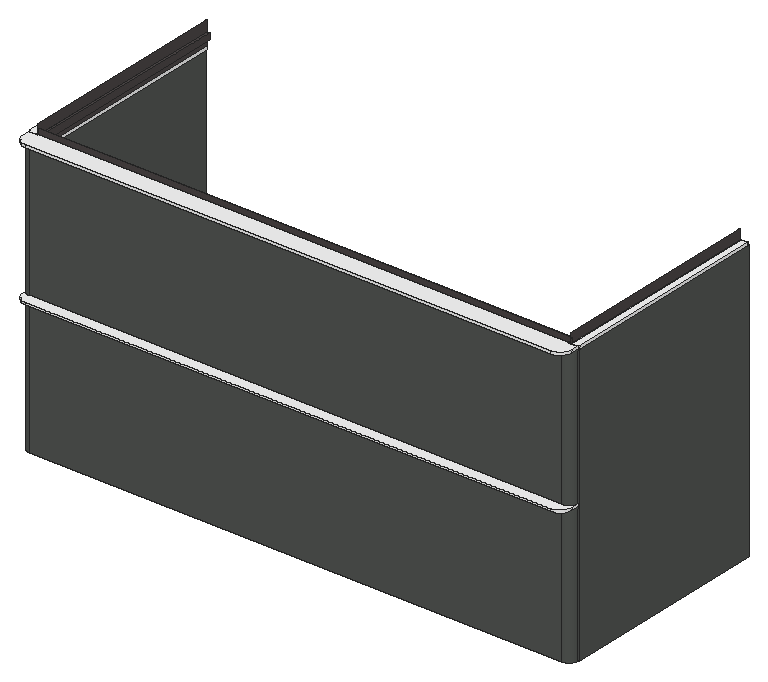
Revit family "vanity unit with 2 drawers", category Furniture, Revit 2019 (continued)
  Vanity unit 580_475 with 2 drawers for washbasin-54023000-High Gloss White-CHROME-200 | "28.2" | no | no | no | no | no | no | no | no | no | no | no | no | no | no | no | no | no | no | no | no | no | no | no | no | no | no | no | no | no | no | no | no | no | no | no | no | no | no | no | no | no | no | no | no | no | no | no | no | no | no | no | no | no | no | no | no | no | no | no | no | no | no | no | no | no | no | no | no | no | no | no | yes | no | no | no | no | no | no | no | no | no | no | no | no | no | no | no | no | no | no | no | no | no | no | no | no | no | no | no | no | no | no | no | no | no | no | no | no | no | no | no | no | no | no | no | no | no | no | no | no | "CHROME" | "https://pro.hansgrohe.com/articledetail--54023000" | "54023XXX" | "High Gloss White" | "Vanity unit 580/475 with 2 drawers for washbasin-54023000-High Gloss White-CHROME-200" | "Xelu Q Vanity unit High Gloss White 580/475 with 2 drawers for washbasin" | "Vanity unit 580/475 with 2 drawers for washbasin-54023000-High Gloss White-CHROME-200" | "{$CADENAS_DATA/23d-libs/hansgrohe/xelu_furniture/vanity_unit_2_drawers_basin/vanity_unit_with_2_drawers_for_basin.prj},339 {VTYP=3D},{NB=Vanity unit 580/475 with 2 drawers for washbasin-54023000-High Gloss White-CHROME-200},{LINA=Vanity unit 580/475 with 2 drawers for washbasin-54023000-High Gloss White-CHROME-200},{NN=Vanity Unit with 2 Drawers},{DATE=10.03.2023 08:13:12},{GEOMDATE=08.03.2023 13:51:26},{VERSION=},{LINEID=150},{WBVAR=LODLEVEL},{WBNUMERIC=}  {NB=Vanity unit 580/475 with 2 drawers for washbasin-54023000-High Gloss White-CHROME-200},{LINA=Vanity unit 580/475 with 2 drawers for washbasin-54023000-High Gloss White-CHROME-200},{KT=DUMMY},{IDNR=15},{ARTNR=54023000},{BASENUMBER=Vanity unit 580/475 with 2 drawers for washbasin},{MODEL=54023XXX},{OBERFLAECHE=High Gloss White},{SURFACE=CHROME},{L=580},{LODLEVEL=200},{LODLEVELX='400','400','200','200'},{NAME=Xelu Q Vanity unit High Gloss White 580/475 with 2 drawers for washbasin},{PERMALINK=54023XXX},{OBJECTTYPE=Object (single object)},{BIMOBJECT=Sanitary: Compound units},{PRODUCTFAMILY=Xelu Q},{PRODUCTGROUP=vanity unit},{WEIGHT=28.2},{DESCRIPTION=Xelu Q Vanity unit High Gloss White 580/475 with 2 drawers for washbasin},{SPECIFICATION=},{PRODUCTURL=https://pro.hansgrohe.com/articledetail--54023000},{GTINCODE=4059625455166},{TENDERURL=},{IFC=Furnishing element},{ETIM=EC011381 | Bathroom furniture set},{UNICLASS2015=Pr_40_30_78_05 | Bathroom furniture},{OMNICLASS=23-21 19 15 33 13 | Residential Bathroom Specialty Casework},{MASTERFORMAT=12 35 30.23 | Bathroom Casework},{UNSPSC=56 | Furniture and Furnishings},{UNIFORMATII=E2010 | Fixed Furnishings},{REGIONSET=Worldwide},{DESIGN=Germany},{MANUFACTURER=Germany}" | "200" | "Vanity unit 580/475 with 2 drawers for washbasin-54023000-High Gloss White-CHROME-200" | 580 | "4059625455166" | "Vanity unit 580/475 with 2 drawers for washbasin" | "54023000"
  Vanity unit 580_475 with 2 drawers for washbasin-54023000-High Gloss White-CHROME-400 | "28.2" | no | no | no | no | no | no | no | no | no | no | no | no | no | no | no | no | no | no | no | no | no | no | no | no | no | no | no | no | no | no | no | no | no | no | no | no | no | no | no | no | no | no | no | no | no | no | no | no | no | no | no | no | no | no | no | no | no | no | no | no | no | no | no | no | no | no | no | no | no | no | yes | no | no | no | no | no | no | no | no | no | no | no | no | no | no | no | no | no | no | no | no | no | no | no | no | no | no | no | no | no | no | no | no | no | no | no | no | no | no | no | no | no | no | no | no | no | no | no | no | no | "CHROME" | "https://pro.hansgrohe.com/articledetail--54023000" | "54023XXX" | "High Gloss White" | "Vanity unit 580/475 with 2 drawers for washbasin-54023000-High Gloss White-CHROME-400" | "Xelu Q Vanity unit High Gloss White 580/475 with 2 drawers for washbasin" | "Vanity unit 580/475 with 2 drawers for washbasin-54023000-High Gloss White-CHROME-400" | "{$CADENAS_DATA/23d-libs/hansgrohe/xelu_furniture/vanity_unit_2_drawers_basin/vanity_unit_with_2_drawers_for_basin.prj},339 {VTYP=3D},{NB=Vanity unit 580/475 with 2 drawers for washbasin-54023000-High Gloss White-CHROME-400},{LINA=Vanity unit 580/475 with 2 drawers for washbasin-54023000-High Gloss White-CHROME-400},{NN=Vanity Unit with 2 Drawers},{DATE=10.03.2023 08:13:12},{GEOMDATE=08.03.2023 13:51:26},{VERSION=},{LINEID=150},{WBVAR=LODLEVEL},{WBNUMERIC=}  {NB=Vanity unit 580/475 with 2 drawers for washbasin-54023000-High Gloss White-CHROME-400},{LINA=Vanity unit 580/475 with 2 drawers for washbasin-54023000-High Gloss White-CHROME-400},{KT=DUMMY},{IDNR=15},{ARTNR=54023000},{BASENUMBER=Vanity unit 580/475 with 2 drawers for washbasin},{MODEL=54023XXX},{OBERFLAECHE=High Gloss White},{SURFACE=CHROME},{L=580},{LODLEVEL=400},{LODLEVELX='400','400','200','200'},{NAME=Xelu Q Vanity unit High Gloss White 580/475 with 2 drawers for washbasin},{PERMALINK=54023XXX},{OBJECTTYPE=Object (single object)},{BIMOBJECT=Sanitary: Compound units},{PRODUCTFAMILY=Xelu Q},{PRODUCTGROUP=vanity unit},{WEIGHT=28.2},{DESCRIPTION=Xelu Q Vanity unit High Gloss White 580/475 with 2 drawers for washbasin},{SPECIFICATION=},{PRODUCTURL=https://pro.hansgrohe.com/articledetail--54023000},{GTINCODE=4059625455166},{TENDERURL=},{IFC=Furnishing element},{ETIM=EC011381 | Bathroom furniture set},{UNICLASS2015=Pr_40_30_78_05 | Bathroom furniture},{OMNICLASS=23-21 19 15 33 13 | Residential Bathroom Specialty Casework},{MASTERFORMAT=12 35 30.23 | Bathroom Casework},{UNSPSC=56 | Furniture and Furnishings},{UNIFORMATII=E2010 | Fixed Furnishings},{REGIONSET=Worldwide},{DESIGN=Germany},{MANUFACTURER=Germany}" | "400" | "Vanity unit 580/475 with 2 drawers for washbasin-54023000-High Gloss White-CHROME-400" | 580 | "4059625455166" | "Vanity unit 580/475 with 2 drawers for washbasin" | "54023000"
  Vanity unit 580_475 with 2 drawers for washbasin-54023670-High Gloss White-MATT_BLACK-200 | "28.2" | no | no | no | no | no | no | no | no | no | no | no | no | no | no | no | no | no | no | no | no | no | no | no | no | no | no | no | no | no | no | no | no | no | no | no | no | no | no | no | no | no | no | no | no | no | no | no | no | no | no | no | no | no | no | no | no | no | no | no | no | no | no | no | no | no | no | no | no | no | yes | no | no | no | no | no | no | no | no | no | no | no | no | no | no | no | no | no | no | no | no | no | no | no | no | no | no | no | no | no | no | no | no | no | no | no | no | no | no | no | no | no | no | no | no | no | no | no | no | no | no | "MATT_BLACK" | "https://pro.hansgrohe.com/articledetail--54023000" | "54023XXX" | "High Gloss White" | "Vanity unit 580/475 with 2 drawers for washbasin-54023670-High Gloss White-MATT_BLACK-200" | "Xelu Q Vanity unit High Gloss White 580/475 with 2 drawers for washbasin" | "Vanity unit 580/475 with 2 drawers for washbasin-54023670-High Gloss White-MATT_BLACK-200" | "{$CADENAS_DATA/23d-libs/hansgrohe/xelu_furniture/vanity_unit_2_drawers_basin/vanity_unit_with_2_drawers_for_basin.prj},347 {VTYP=3D},{NB=Vanity unit 580/475 with 2 drawers for washbasin-54023670-High Gloss White-MATT_BLACK-200},{LINA=Vanity unit 580/475 with 2 drawers for washbasin-54023670-High Gloss White-MATT_BLACK-200},{NN=Vanity Unit with 2 Drawers},{DATE=10.03.2023 08:13:12},{GEOMDATE=08.03.2023 13:51:26},{VERSION=},{LINEID=130},{WBVAR=LODLEVEL},{WBNUMERIC=}  {NB=Vanity unit 580/475 with 2 drawers for washbasin-54023670-High Gloss White-MATT_BLACK-200},{LINA=Vanity unit 580/475 with 2 drawers for washbasin-54023670-High Gloss White-MATT_BLACK-200},{KT=DUMMY},{IDNR=13},{ARTNR=54023670},{BASENUMBER=Vanity unit 580/475 with 2 drawers for washbasin},{MODEL=54023XXX},{OBERFLAECHE=High Gloss White},{SURFACE=MATT_BLACK},{L=580},{LODLEVEL=200},{LODLEVELX='400','400','200','200'},{NAME=Xelu Q Vanity unit High Gloss White 580/475 with 2 drawers for washbasin},{PERMALINK=54023XXX},{OBJECTTYPE=Object (single object)},{BIMOBJECT=Sanitary: Compound units},{PRODUCTFAMILY=Xelu Q},{PRODUCTGROUP=vanity unit},{WEIGHT=28.2},{DESCRIPTION=Xelu Q Vanity unit High Gloss White 580/475 with 2 drawers for washbasin},{SPECIFICATION=},{PRODUCTURL=https://pro.hansgrohe.com/articledetail--54023000},{GTINCODE=4059625455166},{TENDERURL=},{IFC=Furnishing element},{ETIM=EC011381 | Bathroom furniture set},{UNICLASS2015=Pr_40_30_78_05 | Bathroom furniture},{OMNICLASS=23-21 19 15 33 13 | Residential Bathroom Specialty Casework},{MASTERFORMAT=12 35 30.23 | Bathroom Casework},{UNSPSC=56 | Furniture and Furnishings},{UNIFORMATII=E2010 | Fixed Furnishings},{REGIONSET=Worldwide},{DESIGN=Germany},{MANUFACTURER=Germany}" | "200" | "Vanity unit 580/475 with 2 drawers for washbasin-54023670-High Gloss White-MATT_BLACK-200" | 580 | "4059625455166" | "Vanity unit 580/475 with 2 drawers for washbasin" | "54023670"
  Vanity unit 580_475 with 2 drawers for washbasin-54023670-High Gloss White-MATT_BLACK-400 | "28.2" | no | no | no | no | no | no | no | no | no | no | no | no | no | no | no | no | no | no | no | no | no | no | no | no | no | no | no | no | no | no | no | no | no | no | no | no | no | no | no | no | no | no | no | no | no | no | no | no | no | no | no | no | no | no | no | no | no | no | no | no | no | no | no | no | no | no | no | no | yes | no | no | no | no | no | no | no | no | no | no | no | no | no | no | no | no | no | no | no | no | no | no | no | no | no | no | no | no | no | no | no | no | no | no | no | no | no | no | no | no | no | no | no | no | no | no | no | no | no | no | no | "MATT_BLACK" | "https://pro.hansgrohe.com/articledetail--54023000" | "54023XXX" | "High Gloss White" | "Vanity unit 580/475 with 2 drawers for washbasin-54023670-High Gloss White-MATT_BLACK-400" | "Xelu Q Vanity unit High Gloss White 580/475 with 2 drawers for washbasin" | "Vanity unit 580/475 with 2 drawers for washbasin-54023670-High Gloss White-MATT_BLACK-400" | "{$CADENAS_DATA/23d-libs/hansgrohe/xelu_furniture/vanity_unit_2_drawers_basin/vanity_unit_with_2_drawers_for_basin.prj},347 {VTYP=3D},{NB=Vanity unit 580/475 with 2 drawers for washbasin-54023670-High Gloss White-MATT_BLACK-400},{LINA=Vanity unit 580/475 with 2 drawers for washbasin-54023670-High Gloss White-MATT_BLACK-400},{NN=Vanity Unit with 2 Drawers},{DATE=10.03.2023 08:13:12},{GEOMDATE=08.03.2023 13:51:26},{VERSION=},{LINEID=130},{WBVAR=LODLEVEL},{WBNUMERIC=}  {NB=Vanity unit 580/475 with 2 drawers for washbasin-54023670-High Gloss White-MATT_BLACK-400},{LINA=Vanity unit 580/475 with 2 drawers for washbasin-54023670-High Gloss White-MATT_BLACK-400},{KT=DUMMY},{IDNR=13},{ARTNR=54023670},{BASENUMBER=Vanity unit 580/475 with 2 drawers for washbasin},{MODEL=54023XXX},{OBERFLAECHE=High Gloss White},{SURFACE=MATT_BLACK},{L=580},{LODLEVEL=400},{LODLEVELX='400','400','200','200'},{NAME=Xelu Q Vanity unit High Gloss White 580/475 with 2 drawers for washbasin},{PERMALINK=54023XXX},{OBJECTTYPE=Object (single object)},{BIMOBJECT=Sanitary: Compound units},{PRODUCTFAMILY=Xelu Q},{PRODUCTGROUP=vanity unit},{WEIGHT=28.2},{DESCRIPTION=Xelu Q Vanity unit High Gloss White 580/475 with 2 drawers for washbasin},{SPECIFICATION=},{PRODUCTURL=https://pro.hansgrohe.com/articledetail--54023000},{GTINCODE=4059625455166},{TENDERURL=},{IFC=Furnishing element},{ETIM=EC011381 | Bathroom furniture set},{UNICLASS2015=Pr_40_30_78_05 | Bathroom furniture},{OMNICLASS=23-21 19 15 33 13 | Residential Bathroom Specialty Casework},{MASTERFORMAT=12 35 30.23 | Bathroom Casework},{UNSPSC=56 | Furniture and Furnishings},{UNIFORMATII=E2010 | Fixed Furnishings},{REGIONSET=Worldwide},{DESIGN=Germany},{MANUFACTURER=Germany}" | "400" | "Vanity unit 580/475 with 2 drawers for washbasin-54023670-High Gloss White-MATT_BLACK-400" | 580 | "4059625455166" | "Vanity unit 580/475 with 2 drawers for washbasin" | "54023670"
  Vanity unit 580_475 with 2 drawers for washbasin-54023700-High Gloss White-MATT_WHITE-200 | "28.2" | no | no | no | no | no | no | no | no | no | no | no | no | no | no | no | no | no | no | no | no | no | no | no | no | no | no | no | no | no | no | no | no | no | no | no | no | no | no | no | no | no | no | no | no | no | no | no | no | no | no | no | no | no | no | no | no | no | no | no | no | no | no | no | no | no | no | no | yes | no | no | no | no | no | no | no | no | no | no | no | no | no | no | no | no | no | no | no | no | no | no | no | no | no | no | no | no | no | no | no | no | no | no | no | no | no | no | no | no | no | no | no | no | no | no | no | no | no | no | no | no | "MATT_WHITE" | "https://pro.hansgrohe.com/articledetail--54023000" | "54023XXX" | "High Gloss White" | "Vanity unit 580/475 with 2 drawers for washbasin-54023700-High Gloss White-MATT_WHITE-200" | "Xelu Q Vanity unit High Gloss White 580/475 with 2 drawers for washbasin" | "Vanity unit 580/475 with 2 drawers for washbasin-54023700-High Gloss White-MATT_WHITE-200" | "{$CADENAS_DATA/23d-libs/hansgrohe/xelu_furniture/vanity_unit_2_drawers_basin/vanity_unit_with_2_drawers_for_basin.prj},347 {VTYP=3D},{NB=Vanity unit 580/475 with 2 drawers for washbasin-54023700-High Gloss White-MATT_WHITE-200},{LINA=Vanity unit 580/475 with 2 drawers for washbasin-54023700-High Gloss White-MATT_WHITE-200},{NN=Vanity Unit with 2 Drawers},{DATE=10.03.2023 08:13:12},{GEOMDATE=08.03.2023 13:51:26},{VERSION=},{LINEID=140},{WBVAR=LODLEVEL},{WBNUMERIC=}  {NB=Vanity unit 580/475 with 2 drawers for washbasin-54023700-High Gloss White-MATT_WHITE-200},{LINA=Vanity unit 580/475 with 2 drawers for washbasin-54023700-High Gloss White-MATT_WHITE-200},{KT=DUMMY},{IDNR=14},{ARTNR=54023700},{BASENUMBER=Vanity unit 580/475 with 2 drawers for washbasin},{MODEL=54023XXX},{OBERFLAECHE=High Gloss White},{SURFACE=MATT_WHITE},{L=580},{LODLEVEL=200},{LODLEVELX='400','400','200','200'},{NAME=Xelu Q Vanity unit High Gloss White 580/475 with 2 drawers for washbasin},{PERMALINK=54023XXX},{OBJECTTYPE=Object (single object)},{BIMOBJECT=Sanitary: Compound units},{PRODUCTFAMILY=Xelu Q},{PRODUCTGROUP=vanity unit},{WEIGHT=28.2},{DESCRIPTION=Xelu Q Vanity unit High Gloss White 580/475 with 2 drawers for washbasin},{SPECIFICATION=},{PRODUCTURL=https://pro.hansgrohe.com/articledetail--54023000},{GTINCODE=4059625455166},{TENDERURL=},{IFC=Furnishing element},{ETIM=EC011381 | Bathroom furniture set},{UNICLASS2015=Pr_40_30_78_05 | Bathroom furniture},{OMNICLASS=23-21 19 15 33 13 | Residential Bathroom Specialty Casework},{MASTERFORMAT=12 35 30.23 | Bathroom Casework},{UNSPSC=56 | Furniture and Furnishings},{UNIFORMATII=E2010 | Fixed Furnishings},{REGIONSET=Worldwide},{DESIGN=Germany},{MANUFACTURER=Germany}" | "200" | "Vanity unit 580/475 with 2 drawers for washbasin-54023700-High Gloss White-MATT_WHITE-200" | 580 | "4059625455166" | "Vanity unit 580/475 with 2 drawers for washbasin" | "54023700"
  Vanity unit 580_475 with 2 drawers for washbasin-54023700-High Gloss White-MATT_WHITE-400 | "28.2" | no | no | no | no | no | no | no | no | no | no | no | no | no | no | no | no | no | no | no | no | no | no | no | no | no | no | no | no | no | no | no | no | no | no | no | no | no | no | no | no | no | no | no | no | no | no | no | no | no | no | no | no | no | no | no | no | no | no | no | no | no | no | no | no | no | no | yes | no | no | no | no | no | no | no | no | no | no | no | no | no | no | no | no | no | no | no | no | no | no | no | no | no | no | no | no | no | no | no | no | no | no | no | no | no | no | no | no | no | no | no | no | no | no | no | no | no | no | no | no | no | "MATT_WHITE" | "https://pro.hansgrohe.com/articledetail--54023000" | "54023XXX" | "High Gloss White" | "Vanity unit 580/475 with 2 drawers for washbasin-54023700-High Gloss White-MATT_WHITE-400" | "Xelu Q Vanity unit High Gloss White 580/475 with 2 drawers for washbasin" | "Vanity unit 580/475 with 2 drawers for washbasin-54023700-High Gloss White-MATT_WHITE-400" | "{$CADENAS_DATA/23d-libs/hansgrohe/xelu_furniture/vanity_unit_2_drawers_basin/vanity_unit_with_2_drawers_for_basin.prj},347 {VTYP=3D},{NB=Vanity unit 580/475 with 2 drawers for washbasin-54023700-High Gloss White-MATT_WHITE-400},{LINA=Vanity unit 580/475 with 2 drawers for washbasin-54023700-High Gloss White-MATT_WHITE-400},{NN=Vanity Unit with 2 Drawers},{DATE=10.03.2023 08:13:12},{GEOMDATE=08.03.2023 13:51:26},{VERSION=},{LINEID=140},{WBVAR=LODLEVEL},{WBNUMERIC=}  {NB=Vanity unit 580/475 with 2 drawers for washbasin-54023700-High Gloss White-MATT_WHITE-400},{LINA=Vanity unit 580/475 with 2 drawers for washbasin-54023700-High Gloss White-MATT_WHITE-400},{KT=DUMMY},{IDNR=14},{ARTNR=54023700},{BASENUMBER=Vanity unit 580/475 with 2 drawers for washbasin},{MODEL=54023XXX},{OBERFLAECHE=High Gloss White},{SURFACE=MATT_WHITE},{L=580},{LODLEVEL=400},{LODLEVELX='400','400','200','200'},{NAME=Xelu Q Vanity unit High Gloss White 580/475 with 2 drawers for washbasin},{PERMALINK=54023XXX},{OBJECTTYPE=Object (single object)},{BIMOBJECT=Sanitary: Compound units},{PRODUCTFAMILY=Xelu Q},{PRODUCTGROUP=vanity unit},{WEIGHT=28.2},{DESCRIPTION=Xelu Q Vanity unit High Gloss White 580/475 with 2 drawers for washbasin},{SPECIFICATION=},{PRODUCTURL=https://pro.hansgrohe.com/articledetail--54023000},{GTINCODE=4059625455166},{TENDERURL=},{IFC=Furnishing element},{ETIM=EC011381 | Bathroom furniture set},{UNICLASS2015=Pr_40_30_78_05 | Bathroom furniture},{OMNICLASS=23-21 19 15 33 13 | Residential Bathroom Specialty Casework},{MASTERFORMAT=12 35 30.23 | Bathroom Casework},{UNSPSC=56 | Furniture and Furnishings},{UNIFORMATII=E2010 | Fixed Furnishings},{REGIONSET=Worldwide},{DESIGN=Germany},{MANUFACTURER=Germany}" | "400" | "Vanity unit 580/475 with 2 drawers for washbasin-54023700-High Gloss White-MATT_WHITE-400" | 580 | "4059625455166" | "Vanity unit 580/475 with 2 drawers for washbasin" | "54023700"
  Vanity unit 580_475 with 2 drawers for washbasin-54024000-Diamond Matt Grey-CHROME-200 | "28.2" | no | no | no | no | no | no | no | no | no | no | no | no | no | no | no | no | no | no | no | no | no | no | no | no | no | no | no | no | no | no | no | no | no | no | no | no | no | no | no | no | no | no | no | no | no | no | no | no | no | no | no | no | no | no | no | no | no | no | no | no | no | no | no | no | no | yes | no | no | no | no | no | no | no | no | no | no | no | no | no | no | no | no | no | no | no | no | no | no | no | no | no | no | no | no | no | no | no | no | no | no | no | no | no | no | no | no | no | no | no | no | no | no | no | no | no | no | no | no | no | no | "CHROME" | "https://pro.hansgrohe.com/articledetail--54024000" | "54024XXX" | "Diamond Matt Grey" | "Vanity unit 580/475 with 2 drawers for washbasin-54024000-Diamond Matt Grey-CHROME-200" | "Xelu Q Vanity unit Diamond Matt Grey 580/475 with 2 drawers for washbasin" | "Vanity unit 580/475 with 2 drawers for washbasin-54024000-Diamond Matt Grey-CHROME-200" | "{$CADENAS_DATA/23d-libs/hansgrohe/xelu_furniture/vanity_unit_2_drawers_basin/vanity_unit_with_2_drawers_for_basin.prj},341 {VTYP=3D},{NB=Vanity unit 580/475 with 2 drawers for washbasin-54024000-Diamond Matt Grey-CHROME-200},{LINA=Vanity unit 580/475 with 2 drawers for washbasin-54024000-Diamond Matt Grey-CHROME-200},{NN=Vanity Unit with 2 Drawers},{DATE=10.03.2023 08:13:12},{GEOMDATE=08.03.2023 13:51:26},{VERSION=},{LINEID=160},{WBVAR=LODLEVEL},{WBNUMERIC=}  {NB=Vanity unit 580/475 with 2 drawers for washbasin-54024000-Diamond Matt Grey-CHROME-200},{LINA=Vanity unit 580/475 with 2 drawers for washbasin-54024000-Diamond Matt Grey-CHROME-200},{KT=DUMMY},{IDNR=16},{ARTNR=54024000},{BASENUMBER=Vanity unit 580/475 with 2 drawers for washbasin},{MODEL=54024XXX},{OBERFLAECHE=Diamond Matt Grey},{SURFACE=CHROME},{L=580},{LODLEVEL=200},{LODLEVELX='400','400','200','200'},{NAME=Xelu Q Vanity unit Diamond Matt Grey 580/475 with 2 drawers for washbasin},{PERMALINK=54024XXX},{OBJECTTYPE=Object (single object)},{BIMOBJECT=Sanitary: Compound units},{PRODUCTFAMILY=Xelu Q},{PRODUCTGROUP=vanity unit},{WEIGHT=28.2},{DESCRIPTION=Xelu Q Vanity unit Diamond Matt Grey 580/475 with 2 drawers for washbasin},{SPECIFICATION=},{PRODUCTURL=https://pro.hansgrohe.com/articledetail--54024000},{GTINCODE=4059625455630},{TENDERURL=},{IFC=Furnishing element},{ETIM=EC011381 | Bathroom furniture set},{UNICLASS2015=Pr_40_30_78_05 | Bathroom furniture},{OMNICLASS=23-21 19 15 33 13 | Residential Bathroom Specialty Casework},{MASTERFORMAT=12 35 30.23 | Bathroom Casework},{UNSPSC=56 | Furniture and Furnishings},{UNIFORMATII=E2010 | Fixed Furnishings},{REGIONSET=Worldwide},{DESIGN=Germany},{MANUFACTURER=Germany}" | "200" | "Vanity unit 580/475 with 2 drawers for washbasin-54024000-Diamond Matt Grey-CHROME-200" | 580 | "4059625455630" | "Vanity unit 580/475 with 2 drawers for washbasin" | "54024000"
  Vanity unit 580_475 with 2 drawers for washbasin-54024000-Diamond Matt Grey-CHROME-400 | "28.2" | no | no | no | no | no | no | no | no | no | no | no | no | no | no | no | no | no | no | no | no | no | no | no | no | no | no | no | no | no | no | no | no | no | no | no | no | no | no | no | no | no | no | no | no | no | no | no | no | no | no | no | no | no | no | no | no | no | no | no | no | no | no | no | no | yes | no | no | no | no | no | no | no | no | no | no | no | no | no | no | no | no | no | no | no | no | no | no | no | no | no | no | no | no | no | no | no | no | no | no | no | no | no | no | no | no | no | no | no | no | no | no | no | no | no | no | no | no | no | no | no | "CHROME" | "https://pro.hansgrohe.com/articledetail--54024000" | "54024XXX" | "Diamond Matt Grey" | "Vanity unit 580/475 with 2 drawers for washbasin-54024000-Diamond Matt Grey-CHROME-400" | "Xelu Q Vanity unit Diamond Matt Grey 580/475 with 2 drawers for washbasin" | "Vanity unit 580/475 with 2 drawers for washbasin-54024000-Diamond Matt Grey-CHROME-400" | "{$CADENAS_DATA/23d-libs/hansgrohe/xelu_furniture/vanity_unit_2_drawers_basin/vanity_unit_with_2_drawers_for_basin.prj},341 {VTYP=3D},{NB=Vanity unit 580/475 with 2 drawers for washbasin-54024000-Diamond Matt Grey-CHROME-400},{LINA=Vanity unit 580/475 with 2 drawers for washbasin-54024000-Diamond Matt Grey-CHROME-400},{NN=Vanity Unit with 2 Drawers},{DATE=10.03.2023 08:13:12},{GEOMDATE=08.03.2023 13:51:26},{VERSION=},{LINEID=160},{WBVAR=LODLEVEL},{WBNUMERIC=}  {NB=Vanity unit 580/475 with 2 drawers for washbasin-54024000-Diamond Matt Grey-CHROME-400},{LINA=Vanity unit 580/475 with 2 drawers for washbasin-54024000-Diamond Matt Grey-CHROME-400},{KT=DUMMY},{IDNR=16},{ARTNR=54024000},{BASENUMBER=Vanity unit 580/475 with 2 drawers for washbasin},{MODEL=54024XXX},{OBERFLAECHE=Diamond Matt Grey},{SURFACE=CHROME},{L=580},{LODLEVEL=400},{LODLEVELX='400','400','200','200'},{NAME=Xelu Q Vanity unit Diamond Matt Grey 580/475 with 2 drawers for washbasin},{PERMALINK=54024XXX},{OBJECTTYPE=Object (single object)},{BIMOBJECT=Sanitary: Compound units},{PRODUCTFAMILY=Xelu Q},{PRODUCTGROUP=vanity unit},{WEIGHT=28.2},{DESCRIPTION=Xelu Q Vanity unit Diamond Matt Grey 580/475 with 2 drawers for washbasin},{SPECIFICATION=},{PRODUCTURL=https://pro.hansgrohe.com/articledetail--54024000},{GTINCODE=4059625455630},{TENDERURL=},{IFC=Furnishing element},{ETIM=EC011381 | Bathroom furniture set},{UNICLASS2015=Pr_40_30_78_05 | Bathroom furniture},{OMNICLASS=23-21 19 15 33 13 | Residential Bathroom Specialty Casework},{MASTERFORMAT=12 35 30.23 | Bathroom Casework},{UNSPSC=56 | Furniture and Furnishings},{UNIFORMATII=E2010 | Fixed Furnishings},{REGIONSET=Worldwide},{DESIGN=Germany},{MANUFACTURER=Germany}" | "400" | "Vanity unit 580/475 with 2 drawers for washbasin-54024000-Diamond Matt Grey-CHROME-400" | 580 | "4059625455630" | "Vanity unit 580/475 with 2 drawers for washbasin" | "54024000"
  Vanity unit 580_475 with 2 drawers for washbasin-54024670-Diamond Matt Grey-MATT_BLACK-200 | "28.2" | no | no | no | no | no | no | no | no | no | no | no | no | no | no | no | no | no | no | no | no | no | no | no | no | no | no | no | no | no | no | no | no | no | no | no | no | no | no | no | no | no | no | no | no | no | no | no | no | no | no | no | no | no | no | no | no | no | no | no | no | no | no | no | yes | no | no | no | no | no | no | no | no | no | no | no | no | no | no | no | no | no | no | no | no | no | no | no | no | no | no | no | no | no | no | no | no | no | no | no | no | no | no | no | no | no | no | no | no | no | no | no | no | no | no | no | no | no | no | no | no | "MATT_BLACK" | "https://pro.hansgrohe.com/articledetail--54024000" | "54024XXX" | "Diamond Matt Grey" | "Vanity unit 580/475 with 2 drawers for washbasin-54024670-Diamond Matt Grey-MATT_BLACK-200" | "Xelu Q Vanity unit Diamond Matt Grey 580/475 with 2 drawers for washbasin" | "Vanity unit 580/475 with 2 drawers for washbasin-54024670-Diamond Matt Grey-MATT_BLACK-200" | "{$CADENAS_DATA/23d-libs/hansgrohe/xelu_furniture/vanity_unit_2_drawers_basin/vanity_unit_with_2_drawers_for_basin.prj},349 {VTYP=3D},{NB=Vanity unit 580/475 with 2 drawers for washbasin-54024670-Diamond Matt Grey-MATT_BLACK-200},{LINA=Vanity unit 580/475 with 2 drawers for washbasin-54024670-Diamond Matt Grey-MATT_BLACK-200},{NN=Vanity Unit with 2 Drawers},{DATE=10.03.2023 08:13:12},{GEOMDATE=08.03.2023 13:51:26},{VERSION=},{LINEID=170},{WBVAR=LODLEVEL},{WBNUMERIC=}  {NB=Vanity unit 580/475 with 2 drawers for washbasin-54024670-Diamond Matt Grey-MATT_BLACK-200},{LINA=Vanity unit 580/475 with 2 drawers for washbasin-54024670-Diamond Matt Grey-MATT_BLACK-200},{KT=DUMMY},{IDNR=17},{ARTNR=54024670},{BASENUMBER=Vanity unit 580/475 with 2 drawers for washbasin},{MODEL=54024XXX},{OBERFLAECHE=Diamond Matt Grey},{SURFACE=MATT_BLACK},{L=580},{LODLEVEL=200},{LODLEVELX='400','400','200','200'},{NAME=Xelu Q Vanity unit Diamond Matt Grey 580/475 with 2 drawers for washbasin},{PERMALINK=54024XXX},{OBJECTTYPE=Object (single object)},{BIMOBJECT=Sanitary: Compound units},{PRODUCTFAMILY=Xelu Q},{PRODUCTGROUP=vanity unit},{WEIGHT=28.2},{DESCRIPTION=Xelu Q Vanity unit Diamond Matt Grey 580/475 with 2 drawers for washbasin},{SPECIFICATION=},{PRODUCTURL=https://pro.hansgrohe.com/articledetail--54024000},{GTINCODE=4059625455630},{TENDERURL=},{IFC=Furnishing element},{ETIM=EC011381 | Bathroom furniture set},{UNICLASS2015=Pr_40_30_78_05 | Bathroom furniture},{OMNICLASS=23-21 19 15 33 13 | Residential Bathroom Specialty Casework},{MASTERFORMAT=12 35 30.23 | Bathroom Casework},{UNSPSC=56 | Furniture and Furnishings},{UNIFORMATII=E2010 | Fixed Furnishings},{REGIONSET=Worldwide},{DESIGN=Germany},{MANUFACTURER=Germany}" | "200" | "Vanity unit 580/475 with 2 drawers for washbasin-54024670-Diamond Matt Grey-MATT_BLACK-200" | 580 | "4059625455630" | "Vanity unit 580/475 with 2 drawers for washbasin" | "54024670"
  Vanity unit 580_475 with 2 drawers for washbasin-54024670-Diamond Matt Grey-MATT_BLACK-400 | "28.2" | no | no | no | no | no | no | no | no | no | no | no | no | no | no | no | no | no | no | no | no | no | no | no | no | no | no | no | no | no | no | no | no | no | no | no | no | no | no | no | no | no | no | no | no | no | no | no | no | no | no | no | no | no | no | no | no | no | no | no | no | no | no | yes | no | no | no | no | no | no | no | no | no | no | no | no | no | no | no | no | no | no | no | no | no | no | no | no | no | no | no | no | no | no | no | no | no | no | no | no | no | no | no | no | no | no | no | no | no | no | no | no | no | no | no | no | no | no | no | no | no | "MATT_BLACK" | "https://pro.hansgrohe.com/articledetail--54024000" | "54024XXX" | "Diamond Matt Grey" | "Vanity unit 580/475 with 2 drawers for washbasin-54024670-Diamond Matt Grey-MATT_BLACK-400" | "Xelu Q Vanity unit Diamond Matt Grey 580/475 with 2 drawers for washbasin" | "Vanity unit 580/475 with 2 drawers for washbasin-54024670-Diamond Matt Grey-MATT_BLACK-400" | "{$CADENAS_DATA/23d-libs/hansgrohe/xelu_furniture/vanity_unit_2_drawers_basin/vanity_unit_with_2_drawers_for_basin.prj},349 {VTYP=3D},{NB=Vanity unit 580/475 with 2 drawers for washbasin-54024670-Diamond Matt Grey-MATT_BLACK-400},{LINA=Vanity unit 580/475 with 2 drawers for washbasin-54024670-Diamond Matt Grey-MATT_BLACK-400},{NN=Vanity Unit with 2 Drawers},{DATE=10.03.2023 08:13:12},{GEOMDATE=08.03.2023 13:51:26},{VERSION=},{LINEID=170},{WBVAR=LODLEVEL},{WBNUMERIC=}  {NB=Vanity unit 580/475 with 2 drawers for washbasin-54024670-Diamond Matt Grey-MATT_BLACK-400},{LINA=Vanity unit 580/475 with 2 drawers for washbasin-54024670-Diamond Matt Grey-MATT_BLACK-400},{KT=DUMMY},{IDNR=17},{ARTNR=54024670},{BASENUMBER=Vanity unit 580/475 with 2 drawers for washbasin},{MODEL=54024XXX},{OBERFLAECHE=Diamond Matt Grey},{SURFACE=MATT_BLACK},{L=580},{LODLEVEL=400},{LODLEVELX='400','400','200','200'},{NAME=Xelu Q Vanity unit Diamond Matt Grey 580/475 with 2 drawers for washbasin},{PERMALINK=54024XXX},{OBJECTTYPE=Object (single object)},{BIMOBJECT=Sanitary: Compound units},{PRODUCTFAMILY=Xelu Q},{PRODUCTGROUP=vanity unit},{WEIGHT=28.2},{DESCRIPTION=Xelu Q Vanity unit Diamond Matt Grey 580/475 with 2 drawers for washbasin},{SPECIFICATION=},{PRODUCTURL=https://pro.hansgrohe.com/articledetail--54024000},{GTINCODE=4059625455630},{TENDERURL=},{IFC=Furnishing element},{ETIM=EC011381 | Bathroom furniture set},{UNICLASS2015=Pr_40_30_78_05 | Bathroom furniture},{OMNICLASS=23-21 19 15 33 13 | Residential Bathroom Specialty Casework},{MASTERFORMAT=12 35 30.23 | Bathroom Casework},{UNSPSC=56 | Furniture and Furnishings},{UNIFORMATII=E2010 | Fixed Furnishings},{REGIONSET=Worldwide},{DESIGN=Germany},{MANUFACTURER=Germany}" | "400" | "Vanity unit 580/475 with 2 drawers for washbasin-54024670-Diamond Matt Grey-MATT_BLACK-400" | 580 | "4059625455630" | "Vanity unit 580/475 with 2 drawers for washbasin" | "54024670"
  Vanity unit 580_475 with 2 drawers for washbasin-54024700-Diamond Matt Grey-MATT_WHITE-200 | "28.2" | no | no | no | no | no | no | no | no | no | no | no | no | no | no | no | no | no | no | no | no | no | no | no | no | no | no | no | no | no | no | no | no | no | no | no | no | no | no | no | no | no | no | no | no | no | no | no | no | no | no | no | no | no | no | no | no | no | no | no | no | no | yes | no | no | no | no | no | no | no | no | no | no | no | no | no | no | no | no | no | no | no | no | no | no | no | no | no | no | no | no | no | no | no | no | no | no | no | no | no | no | no | no | no | no | no | no | no | no | no | no | no | no | no | no | no | no | no | no | no | no | "MATT_WHITE" | "https://pro.hansgrohe.com/articledetail--54024000" | "54024XXX" | "Diamond Matt Grey" | "Vanity unit 580/475 with 2 drawers for washbasin-54024700-Diamond Matt Grey-MATT_WHITE-200" | "Xelu Q Vanity unit Diamond Matt Grey 580/475 with 2 drawers for washbasin" | "Vanity unit 580/475 with 2 drawers for washbasin-54024700-Diamond Matt Grey-MATT_WHITE-200" | "{$CADENAS_DATA/23d-libs/hansgrohe/xelu_furniture/vanity_unit_2_drawers_basin/vanity_unit_with_2_drawers_for_basin.prj},349 {VTYP=3D},{NB=Vanity unit 580/475 with 2 drawers for washbasin-54024700-Diamond Matt Grey-MATT_WHITE-200},{LINA=Vanity unit 580/475 with 2 drawers for washbasin-54024700-Diamond Matt Grey-MATT_WHITE-200},{NN=Vanity Unit with 2 Drawers},{DATE=10.03.2023 08:13:12},{GEOMDATE=08.03.2023 13:51:26},{VERSION=},{LINEID=180},{WBVAR=LODLEVEL},{WBNUMERIC=}  {NB=Vanity unit 580/475 with 2 drawers for washbasin-54024700-Diamond Matt Grey-MATT_WHITE-200},{LINA=Vanity unit 580/475 with 2 drawers for washbasin-54024700-Diamond Matt Grey-MATT_WHITE-200},{KT=DUMMY},{IDNR=18},{ARTNR=54024700},{BASENUMBER=Vanity unit 580/475 with 2 drawers for washbasin},{MODEL=54024XXX},{OBERFLAECHE=Diamond Matt Grey},{SURFACE=MATT_WHITE},{L=580},{LODLEVEL=200},{LODLEVELX='400','400','200','200'},{NAME=Xelu Q Vanity unit Diamond Matt Grey 580/475 with 2 drawers for washbasin},{PERMALINK=54024XXX},{OBJECTTYPE=Object (single object)},{BIMOBJECT=Sanitary: Compound units},{PRODUCTFAMILY=Xelu Q},{PRODUCTGROUP=vanity unit},{WEIGHT=28.2},{DESCRIPTION=Xelu Q Vanity unit Diamond Matt Grey 580/475 with 2 drawers for washbasin},{SPECIFICATION=},{PRODUCTURL=https://pro.hansgrohe.com/articledetail--54024000},{GTINCODE=4059625455630},{TENDERURL=},{IFC=Furnishing element},{ETIM=EC011381 | Bathroom furniture set},{UNICLASS2015=Pr_40_30_78_05 | Bathroom furniture},{OMNICLASS=23-21 19 15 33 13 | Residential Bathroom Specialty Casework},{MASTERFORMAT=12 35 30.23 | Bathroom Casework},{UNSPSC=56 | Furniture and Furnishings},{UNIFORMATII=E2010 | Fixed Furnishings},{REGIONSET=Worldwide},{DESIGN=Germany},{MANUFACTURER=Germany}" | "200" | "Vanity unit 580/475 with 2 drawers for washbasin-54024700-Diamond Matt Grey-MATT_WHITE-200" | 580 | "4059625455630" | "Vanity unit 580/475 with 2 drawers for washbasin" | "54024700"
  Vanity unit 580_475 with 2 drawers for washbasin-54024700-Diamond Matt Grey-MATT_WHITE-400 | "28.2" | no | no | no | no | no | no | no | no | no | no | no | no | no | no | no | no | no | no | no | no | no | no | no | no | no | no | no | no | no | no | no | no | no | no | no | no | no | no | no | no | no | no | no | no | no | no | no | no | no | no | no | no | no | no | no | no | no | no | no | no | yes | no | no | no | no | no | no | no | no | no | no | no | no | no | no | no | no | no | no | no | no | no | no | no | no | no | no | no | no | no | no | no | no | no | no | no | no | no | no | no | no | no | no | no | no | no | no | no | no | no | no | no | no | no | no | no | no | no | no | no | "MATT_WHITE" | "https://pro.hansgrohe.com/articledetail--54024000" | "54024XXX" | "Diamond Matt Grey" | "Vanity unit 580/475 with 2 drawers for washbasin-54024700-Diamond Matt Grey-MATT_WHITE-400" | "Xelu Q Vanity unit Diamond Matt Grey 580/475 with 2 drawers for washbasin" | "Vanity unit 580/475 with 2 drawers for washbasin-54024700-Diamond Matt Grey-MATT_WHITE-400" | "{$CADENAS_DATA/23d-libs/hansgrohe/xelu_furniture/vanity_unit_2_drawers_basin/vanity_unit_with_2_drawers_for_basin.prj},349 {VTYP=3D},{NB=Vanity unit 580/475 with 2 drawers for washbasin-54024700-Diamond Matt Grey-MATT_WHITE-400},{LINA=Vanity unit 580/475 with 2 drawers for washbasin-54024700-Diamond Matt Grey-MATT_WHITE-400},{NN=Vanity Unit with 2 Drawers},{DATE=10.03.2023 08:13:12},{GEOMDATE=08.03.2023 13:51:26},{VERSION=},{LINEID=180},{WBVAR=LODLEVEL},{WBNUMERIC=}  {NB=Vanity unit 580/475 with 2 drawers for washbasin-54024700-Diamond Matt Grey-MATT_WHITE-400},{LINA=Vanity unit 580/475 with 2 drawers for washbasin-54024700-Diamond Matt Grey-MATT_WHITE-400},{KT=DUMMY},{IDNR=18},{ARTNR=54024700},{BASENUMBER=Vanity unit 580/475 with 2 drawers for washbasin},{MODEL=54024XXX},{OBERFLAECHE=Diamond Matt Grey},{SURFACE=MATT_WHITE},{L=580},{LODLEVEL=400},{LODLEVELX='400','400','200','200'},{NAME=Xelu Q Vanity unit Diamond Matt Grey 580/475 with 2 drawers for washbasin},{PERMALINK=54024XXX},{OBJECTTYPE=Object (single object)},{BIMOBJECT=Sanitary: Compound units},{PRODUCTFAMILY=Xelu Q},{PRODUCTGROUP=vanity unit},{WEIGHT=28.2},{DESCRIPTION=Xelu Q Vanity unit Diamond Matt Grey 580/475 with 2 drawers for washbasin},{SPECIFICATION=},{PRODUCTURL=https://pro.hansgrohe.com/articledetail--54024000},{GTINCODE=4059625455630},{TENDERURL=},{IFC=Furnishing element},{ETIM=EC011381 | Bathroom furniture set},{UNICLASS2015=Pr_40_30_78_05 | Bathroom furniture},{OMNICLASS=23-21 19 15 33 13 | Residential Bathroom Specialty Casework},{MASTERFORMAT=12 35 30.23 | Bathroom Casework},{UNSPSC=56 | Furniture and Furnishings},{UNIFORMATII=E2010 | Fixed Furnishings},{REGIONSET=Worldwide},{DESIGN=Germany},{MANUFACTURER=Germany}" | "400" | "Vanity unit 580/475 with 2 drawers for washbasin-54024700-Diamond Matt Grey-MATT_WHITE-400" | 580 | "4059625455630" | "Vanity unit 580/475 with 2 drawers for washbasin" | "54024700"
  Vanity unit 580_475 with 2 drawers for washbasin-54025000-Natural Oak-CHROME-200 | "28.2" | no | no | no | no | no | no | no | no | no | no | no | no | no | no | no | no | no | no | no | no | no | no | no | no | no | no | no | no | no | no | no | no | no | no | no | no | no | no | no | no | no | no | no | no | no | no | no | no | no | no | no | no | no | no | no | no | no | no | no | yes | no | no | no | no | no | no | no | no | no | no | no | no | no | no | no | no | no | no | no | no | no | no | no | no | no | no | no | no | no | no | no | no | no | no | no | no | no | no | no | no | no | no | no | no | no | no | no | no | no | no | no | no | no | no | no | no | no | no | no | no | "CHROME" | "https://pro.hansgrohe.com/articledetail--54025000" | "54025XXX" | "Natural Oak" | "Vanity unit 580/475 with 2 drawers for washbasin-54025000-Natural Oak-CHROME-200" | "Xelu Q Vanity unit Natural Oak 580/475 with 2 drawers for washbasin" | "Vanity unit 580/475 with 2 drawers for washbasin-54025000-Natural Oak-CHROME-200" | "{$CADENAS_DATA/23d-libs/hansgrohe/xelu_furniture/vanity_unit_2_drawers_basin/vanity_unit_with_2_drawers_for_basin.prj},329 {VTYP=3D},{NB=Vanity unit 580/475 with 2 drawers for washbasin-54025000-Natural Oak-CHROME-200},{LINA=Vanity unit 580/475 with 2 drawers for washbasin-54025000-Natural Oak-CHROME-200},{NN=Vanity Unit with 2 Drawers},{DATE=10.03.2023 08:13:12},{GEOMDATE=08.03.2023 13:51:26},{VERSION=},{LINEID=190},{WBVAR=LODLEVEL},{WBNUMERIC=}  {NB=Vanity unit 580/475 with 2 drawers for washbasin-54025000-Natural Oak-CHROME-200},{LINA=Vanity unit 580/475 with 2 drawers for washbasin-54025000-Natural Oak-CHROME-200},{KT=DUMMY},{IDNR=19},{ARTNR=54025000},{BASENUMBER=Vanity unit 580/475 with 2 drawers for washbasin},{MODEL=54025XXX},{OBERFLAECHE=Natural Oak},{SURFACE=CHROME},{L=580},{LODLEVEL=200},{LODLEVELX='400','400','200','200'},{NAME=Xelu Q Vanity unit Natural Oak 580/475 with 2 drawers for washbasin},{PERMALINK=54025XXX},{OBJECTTYPE=Object (single object)},{BIMOBJECT=Sanitary: Compound units},{PRODUCTFAMILY=Xelu Q},{PRODUCTGROUP=vanity unit},{WEIGHT=28.2},{DESCRIPTION=Xelu Q Vanity unit Natural Oak 580/475 with 2 drawers for washbasin},{SPECIFICATION=},{PRODUCTURL=https://pro.hansgrohe.com/articledetail--54025000},{GTINCODE=4059625455609},{TENDERURL=},{IFC=Furnishing element},{ETIM=EC011381 | Bathroom furniture set},{UNICLASS2015=Pr_40_30_78_05 | Bathroom furniture},{OMNICLASS=23-21 19 15 33 13 | Residential Bathroom Specialty Casework},{MASTERFORMAT=12 35 30.23 | Bathroom Casework},{UNSPSC=56 | Furniture and Furnishings},{UNIFORMATII=E2010 | Fixed Furnishings},{REGIONSET=Worldwide},{DESIGN=Germany},{MANUFACTURER=Germany}" | "200" | "Vanity unit 580/475 with 2 drawers for washbasin-54025000-Natural Oak-CHROME-200" | 580 | "4059625455609" | "Vanity unit 580/475 with 2 drawers for washbasin" | "54025000"
  Vanity unit 580_475 with 2 drawers for washbasin-54025000-Natural Oak-CHROME-400 | "28.2" | no | no | no | no | no | no | no | no | no | no | no | no | no | no | no | no | no | no | no | no | no | no | no | no | no | no | no | no | no | no | no | no | no | no | no | no | no | no | no | no | no | no | no | no | no | no | no | no | no | no | no | no | no | no | no | no | no | no | yes | no | no | no | no | no | no | no | no | no | no | no | no | no | no | no | no | no | no | no | no | no | no | no | no | no | no | no | no | no | no | no | no | no | no | no | no | no | no | no | no | no | no | no | no | no | no | no | no | no | no | no | no | no | no | no | no | no | no | no | no | no | "CHROME" | "https://pro.hansgrohe.com/articledetail--54025000" | "54025XXX" | "Natural Oak" | "Vanity unit 580/475 with 2 drawers for washbasin-54025000-Natural Oak-CHROME-400" | "Xelu Q Vanity unit Natural Oak 580/475 with 2 drawers for washbasin" | "Vanity unit 580/475 with 2 drawers for washbasin-54025000-Natural Oak-CHROME-400" | "{$CADENAS_DATA/23d-libs/hansgrohe/xelu_furniture/vanity_unit_2_drawers_basin/vanity_unit_with_2_drawers_for_basin.prj},329 {VTYP=3D},{NB=Vanity unit 580/475 with 2 drawers for washbasin-54025000-Natural Oak-CHROME-400},{LINA=Vanity unit 580/475 with 2 drawers for washbasin-54025000-Natural Oak-CHROME-400},{NN=Vanity Unit with 2 Drawers},{DATE=10.03.2023 08:13:12},{GEOMDATE=08.03.2023 13:51:26},{VERSION=},{LINEID=190},{WBVAR=LODLEVEL},{WBNUMERIC=}  {NB=Vanity unit 580/475 with 2 drawers for washbasin-54025000-Natural Oak-CHROME-400},{LINA=Vanity unit 580/475 with 2 drawers for washbasin-54025000-Natural Oak-CHROME-400},{KT=DUMMY},{IDNR=19},{ARTNR=54025000},{BASENUMBER=Vanity unit 580/475 with 2 drawers for washbasin},{MODEL=54025XXX},{OBERFLAECHE=Natural Oak},{SURFACE=CHROME},{L=580},{LODLEVEL=400},{LODLEVELX='400','400','200','200'},{NAME=Xelu Q Vanity unit Natural Oak 580/475 with 2 drawers for washbasin},{PERMALINK=54025XXX},{OBJECTTYPE=Object (single object)},{BIMOBJECT=Sanitary: Compound units},{PRODUCTFAMILY=Xelu Q},{PRODUCTGROUP=vanity unit},{WEIGHT=28.2},{DESCRIPTION=Xelu Q Vanity unit Natural Oak 580/475 with 2 drawers for washbasin},{SPECIFICATION=},{PRODUCTURL=https://pro.hansgrohe.com/articledetail--54025000},{GTINCODE=4059625455609},{TENDERURL=},{IFC=Furnishing element},{ETIM=EC011381 | Bathroom furniture set},{UNICLASS2015=Pr_40_30_78_05 | Bathroom furniture},{OMNICLASS=23-21 19 15 33 13 | Residential Bathroom Specialty Casework},{MASTERFORMAT=12 35 30.23 | Bathroom Casework},{UNSPSC=56 | Furniture and Furnishings},{UNIFORMATII=E2010 | Fixed Furnishings},{REGIONSET=Worldwide},{DESIGN=Germany},{MANUFACTURER=Germany}" | "400" | "Vanity unit 580/475 with 2 drawers for washbasin-54025000-Natural Oak-CHROME-400" | 580 | "4059625455609" | "Vanity unit 580/475 with 2 drawers for washbasin" | "54025000"
  Vanity unit 580_475 with 2 drawers for washbasin-54025670-Natural Oak-MATT_BLACK-200 | "28.2" | no | no | no | no | no | no | no | no | no | no | no | no | no | no | no | no | no | no | no | no | no | no | no | no | no | no | no | no | no | no | no | no | no | no | no | no | no | no | no | no | no | no | no | no | no | no | no | no | no | no | no | no | no | no | no | no | no | yes | no | no | no | no | no | no | no | no | no | no | no | no | no | no | no | no | no | no | no | no | no | no | no | no | no | no | no | no | no | no | no | no | no | no | no | no | no | no | no | no | no | no | no | no | no | no | no | no | no | no | no | no | no | no | no | no | no | no | no | no | no | no | "MATT_BLACK" | "https://pro.hansgrohe.com/articledetail--54025000" | "54025XXX" | "Natural Oak" | "Vanity unit 580/475 with 2 drawers for washbasin-54025670-Natural Oak-MATT_BLACK-200" | "Xelu Q Vanity unit Natural Oak 580/475 with 2 drawers for washbasin" | "Vanity unit 580/475 with 2 drawers for washbasin-54025670-Natural Oak-MATT_BLACK-200" | "{$CADENAS_DATA/23d-libs/hansgrohe/xelu_furniture/vanity_unit_2_drawers_basin/vanity_unit_with_2_drawers_for_basin.prj},337 {VTYP=3D},{NB=Vanity unit 580/475 with 2 drawers for washbasin-54025670-Natural Oak-MATT_BLACK-200},{LINA=Vanity unit 580/475 with 2 drawers for washbasin-54025670-Natural Oak-MATT_BLACK-200},{NN=Vanity Unit with 2 Drawers},{DATE=10.03.2023 08:13:12},{GEOMDATE=08.03.2023 13:51:26},{VERSION=},{LINEID=200},{WBVAR=LODLEVEL},{WBNUMERIC=}  {NB=Vanity unit 580/475 with 2 drawers for washbasin-54025670-Natural Oak-MATT_BLACK-200},{LINA=Vanity unit 580/475 with 2 drawers for washbasin-54025670-Natural Oak-MATT_BLACK-200},{KT=DUMMY},{IDNR=20},{ARTNR=54025670},{BASENUMBER=Vanity unit 580/475 with 2 drawers for washbasin},{MODEL=54025XXX},{OBERFLAECHE=Natural Oak},{SURFACE=MATT_BLACK},{L=580},{LODLEVEL=200},{LODLEVELX='400','400','200','200'},{NAME=Xelu Q Vanity unit Natural Oak 580/475 with 2 drawers for washbasin},{PERMALINK=54025XXX},{OBJECTTYPE=Object (single object)},{BIMOBJECT=Sanitary: Compound units},{PRODUCTFAMILY=Xelu Q},{PRODUCTGROUP=vanity unit},{WEIGHT=28.2},{DESCRIPTION=Xelu Q Vanity unit Natural Oak 580/475 with 2 drawers for washbasin},{SPECIFICATION=},{PRODUCTURL=https://pro.hansgrohe.com/articledetail--54025000},{GTINCODE=4059625455609},{TENDERURL=},{IFC=Furnishing element},{ETIM=EC011381 | Bathroom furniture set},{UNICLASS2015=Pr_40_30_78_05 | Bathroom furniture},{OMNICLASS=23-21 19 15 33 13 | Residential Bathroom Specialty Casework},{MASTERFORMAT=12 35 30.23 | Bathroom Casework},{UNSPSC=56 | Furniture and Furnishings},{UNIFORMATII=E2010 | Fixed Furnishings},{REGIONSET=Worldwide},{DESIGN=Germany},{MANUFACTURER=Germany}" | "200" | "Vanity unit 580/475 with 2 drawers for washbasin-54025670-Natural Oak-MATT_BLACK-200" | 580 | "4059625455609" | "Vanity unit 580/475 with 2 drawers for washbasin" | "54025670"
  Vanity unit 580_475 with 2 drawers for washbasin-54025670-Natural Oak-MATT_BLACK-400 | "28.2" | no | no | no | no | no | no | no | no | no | no | no | no | no | no | no | no | no | no | no | no | no | no | no | no | no | no | no | no | no | no | no | no | no | no | no | no | no | no | no | no | no | no | no | no | no | no | no | no | no | no | no | no | no | no | no | no | yes | no | no | no | no | no | no | no | no | no | no | no | no | no | no | no | no | no | no | no | no | no | no | no | no | no | no | no | no | no | no | no | no | no | no | no | no | no | no | no | no | no | no | no | no | no | no | no | no | no | no | no | no | no | no | no | no | no | no | no | no | no | no | no | "MATT_BLACK" | "https://pro.hansgrohe.com/articledetail--54025000" | "54025XXX" | "Natural Oak" | "Vanity unit 580/475 with 2 drawers for washbasin-54025670-Natural Oak-MATT_BLACK-400" | "Xelu Q Vanity unit Natural Oak 580/475 with 2 drawers for washbasin" | "Vanity unit 580/475 with 2 drawers for washbasin-54025670-Natural Oak-MATT_BLACK-400" | "{$CADENAS_DATA/23d-libs/hansgrohe/xelu_furniture/vanity_unit_2_drawers_basin/vanity_unit_with_2_drawers_for_basin.prj},337 {VTYP=3D},{NB=Vanity unit 580/475 with 2 drawers for washbasin-54025670-Natural Oak-MATT_BLACK-400},{LINA=Vanity unit 580/475 with 2 drawers for washbasin-54025670-Natural Oak-MATT_BLACK-400},{NN=Vanity Unit with 2 Drawers},{DATE=10.03.2023 08:13:12},{GEOMDATE=08.03.2023 13:51:26},{VERSION=},{LINEID=200},{WBVAR=LODLEVEL},{WBNUMERIC=}  {NB=Vanity unit 580/475 with 2 drawers for washbasin-54025670-Natural Oak-MATT_BLACK-400},{LINA=Vanity unit 580/475 with 2 drawers for washbasin-54025670-Natural Oak-MATT_BLACK-400},{KT=DUMMY},{IDNR=20},{ARTNR=54025670},{BASENUMBER=Vanity unit 580/475 with 2 drawers for washbasin},{MODEL=54025XXX},{OBERFLAECHE=Natural Oak},{SURFACE=MATT_BLACK},{L=580},{LODLEVEL=400},{LODLEVELX='400','400','200','200'},{NAME=Xelu Q Vanity unit Natural Oak 580/475 with 2 drawers for washbasin},{PERMALINK=54025XXX},{OBJECTTYPE=Object (single object)},{BIMOBJECT=Sanitary: Compound units},{PRODUCTFAMILY=Xelu Q},{PRODUCTGROUP=vanity unit},{WEIGHT=28.2},{DESCRIPTION=Xelu Q Vanity unit Natural Oak 580/475 with 2 drawers for washbasin},{SPECIFICATION=},{PRODUCTURL=https://pro.hansgrohe.com/articledetail--54025000},{GTINCODE=4059625455609},{TENDERURL=},{IFC=Furnishing element},{ETIM=EC011381 | Bathroom furniture set},{UNICLASS2015=Pr_40_30_78_05 | Bathroom furniture},{OMNICLASS=23-21 19 15 33 13 | Residential Bathroom Specialty Casework},{MASTERFORMAT=12 35 30.23 | Bathroom Casework},{UNSPSC=56 | Furniture and Furnishings},{UNIFORMATII=E2010 | Fixed Furnishings},{REGIONSET=Worldwide},{DESIGN=Germany},{MANUFACTURER=Germany}" | "400" | "Vanity unit 580/475 with 2 drawers for washbasin-54025670-Natural Oak-MATT_BLACK-400" | 580 | "4059625455609" | "Vanity unit 580/475 with 2 drawers for washbasin" | "54025670"
  Vanity unit 580_475 with 2 drawers for washbasin-54025700-Natural Oak-MATT_WHITE-200 | "28.2" | no | no | no | no | no | no | no | no | no | no | no | no | no | no | no | no | no | no | no | no | no | no | no | no | no | no | no | no | no | no | no | no | no | no | no | no | no | no | no | no | no | no | no | no | no | no | no | no | no | no | no | no | no | no | no | yes | no | no | no | no | no | no | no | no | no | no | no | no | no | no | no | no | no | no | no | no | no | no | no | no | no | no | no | no | no | no | no | no | no | no | no | no | no | no | no | no | no | no | no | no | no | no | no | no | no | no | no | no | no | no | no | no | no | no | no | no | no | no | no | no | "MATT_WHITE" | "https://pro.hansgrohe.com/articledetail--54025000" | "54025XXX" | "Natural Oak" | "Vanity unit 580/475 with 2 drawers for washbasin-54025700-Natural Oak-MATT_WHITE-200" | "Xelu Q Vanity unit Natural Oak 580/475 with 2 drawers for washbasin" | "Vanity unit 580/475 with 2 drawers for washbasin-54025700-Natural Oak-MATT_WHITE-200" | "{$CADENAS_DATA/23d-libs/hansgrohe/xelu_furniture/vanity_unit_2_drawers_basin/vanity_unit_with_2_drawers_for_basin.prj},337 {VTYP=3D},{NB=Vanity unit 580/475 with 2 drawers for washbasin-54025700-Natural Oak-MATT_WHITE-200},{LINA=Vanity unit 580/475 with 2 drawers for washbasin-54025700-Natural Oak-MATT_WHITE-200},{NN=Vanity Unit with 2 Drawers},{DATE=10.03.2023 08:13:12},{GEOMDATE=08.03.2023 13:51:26},{VERSION=},{LINEID=210},{WBVAR=LODLEVEL},{WBNUMERIC=}  {NB=Vanity unit 580/475 with 2 drawers for washbasin-54025700-Natural Oak-MATT_WHITE-200},{LINA=Vanity unit 580/475 with 2 drawers for washbasin-54025700-Natural Oak-MATT_WHITE-200},{KT=DUMMY},{IDNR=21},{ARTNR=54025700},{BASENUMBER=Vanity unit 580/475 with 2 drawers for washbasin},{MODEL=54025XXX},{OBERFLAECHE=Natural Oak},{SURFACE=MATT_WHITE},{L=580},{LODLEVEL=200},{LODLEVELX='400','400','200','200'},{NAME=Xelu Q Vanity unit Natural Oak 580/475 with 2 drawers for washbasin},{PERMALINK=54025XXX},{OBJECTTYPE=Object (single object)},{BIMOBJECT=Sanitary: Compound units},{PRODUCTFAMILY=Xelu Q},{PRODUCTGROUP=vanity unit},{WEIGHT=28.2},{DESCRIPTION=Xelu Q Vanity unit Natural Oak 580/475 with 2 drawers for washbasin},{SPECIFICATION=},{PRODUCTURL=https://pro.hansgrohe.com/articledetail--54025000},{GTINCODE=4059625455609},{TENDERURL=},{IFC=Furnishing element},{ETIM=EC011381 | Bathroom furniture set},{UNICLASS2015=Pr_40_30_78_05 | Bathroom furniture},{OMNICLASS=23-21 19 15 33 13 | Residential Bathroom Specialty Casework},{MASTERFORMAT=12 35 30.23 | Bathroom Casework},{UNSPSC=56 | Furniture and Furnishings},{UNIFORMATII=E2010 | Fixed Furnishings},{REGIONSET=Worldwide},{DESIGN=Germany},{MANUFACTURER=Germany}" | "200" | "Vanity unit 580/475 with 2 drawers for washbasin-54025700-Natural Oak-MATT_WHITE-200" | 580 | "4059625455609" | "Vanity unit 580/475 with 2 drawers for washbasin" | "54025700"
  Vanity unit 580_475 with 2 drawers for washbasin-54025700-Natural Oak-MATT_WHITE-400 | "28.2" | no | no | no | no | no | no | no | no | no | no | no | no | no | no | no | no | no | no | no | no | no | no | no | no | no | no | no | no | no | no | no | no | no | no | no | no | no | no | no | no | no | no | no | no | no | no | no | no | no | no | no | no | no | no | yes | no | no | no | no | no | no | no | no | no | no | no | no | no | no | no | no | no | no | no | no | no | no | no | no | no | no | no | no | no | no | no | no | no | no | no | no | no | no | no | no | no | no | no | no | no | no | no | no | no | no | no | no | no | no | no | no | no | no | no | no | no | no | no | no | no | "MATT_WHITE" | "https://pro.hansgrohe.com/articledetail--54025000" | "54025XXX" | "Natural Oak" | "Vanity unit 580/475 with 2 drawers for washbasin-54025700-Natural Oak-MATT_WHITE-400" | "Xelu Q Vanity unit Natural Oak 580/475 with 2 drawers for washbasin" | "Vanity unit 580/475 with 2 drawers for washbasin-54025700-Natural Oak-MATT_WHITE-400" | "{$CADENAS_DATA/23d-libs/hansgrohe/xelu_furniture/vanity_unit_2_drawers_basin/vanity_unit_with_2_drawers_for_basin.prj},337 {VTYP=3D},{NB=Vanity unit 580/475 with 2 drawers for washbasin-54025700-Natural Oak-MATT_WHITE-400},{LINA=Vanity unit 580/475 with 2 drawers for washbasin-54025700-Natural Oak-MATT_WHITE-400},{NN=Vanity Unit with 2 Drawers},{DATE=10.03.2023 08:13:12},{GEOMDATE=08.03.2023 13:51:26},{VERSION=},{LINEID=210},{WBVAR=LODLEVEL},{WBNUMERIC=}  {NB=Vanity unit 580/475 with 2 drawers for washbasin-54025700-Natural Oak-MATT_WHITE-400},{LINA=Vanity unit 580/475 with 2 drawers for washbasin-54025700-Natural Oak-MATT_WHITE-400},{KT=DUMMY},{IDNR=21},{ARTNR=54025700},{BASENUMBER=Vanity unit 580/475 with 2 drawers for washbasin},{MODEL=54025XXX},{OBERFLAECHE=Natural Oak},{SURFACE=MATT_WHITE},{L=580},{LODLEVEL=400},{LODLEVELX='400','400','200','200'},{NAME=Xelu Q Vanity unit Natural Oak 580/475 with 2 drawers for washbasin},{PERMALINK=54025XXX},{OBJECTTYPE=Object (single object)},{BIMOBJECT=Sanitary: Compound units},{PRODUCTFAMILY=Xelu Q},{PRODUCTGROUP=vanity unit},{WEIGHT=28.2},{DESCRIPTION=Xelu Q Vanity unit Natural Oak 580/475 with 2 drawers for washbasin},{SPECIFICATION=},{PRODUCTURL=https://pro.hansgrohe.com/articledetail--54025000},{GTINCODE=4059625455609},{TENDERURL=},{IFC=Furnishing element},{ETIM=EC011381 | Bathroom furniture set},{UNICLASS2015=Pr_40_30_78_05 | Bathroom furniture},{OMNICLASS=23-21 19 15 33 13 | Residential Bathroom Specialty Casework},{MASTERFORMAT=12 35 30.23 | Bathroom Casework},{UNSPSC=56 | Furniture and Furnishings},{UNIFORMATII=E2010 | Fixed Furnishings},{REGIONSET=Worldwide},{DESIGN=Germany},{MANUFACTURER=Germany}" | "400" | "Vanity unit 580/475 with 2 drawers for washbasin-54025700-Natural Oak-MATT_WHITE-400" | 580 | "4059625455609" | "Vanity unit 580/475 with 2 drawers for washbasin" | "54025700"
  Vanity unit 580_475 with 2 drawers for washbasin-54026000-Dark Walnut-CHROME-200 | "28.2" | no | no | no | no | no | no | no | no | no | no | no | no | no | no | no | no | no | no | no | no | no | no | no | no | no | no | no | no | no | no | no | no | no | no | no | no | no | no | no | no | no | no | no | no | no | no | no | no | no | no | no | no | no | yes | no | no | no | no | no | no | no | no | no | no | no | no | no | no | no | no | no | no | no | no | no | no | no | no | no | no | no | no | no | no | no | no | no | no | no | no | no | no | no | no | no | no | no | no | no | no | no | no | no | no | no | no | no | no | no | no | no | no | no | no | no | no | no | no | no | no | "CHROME" | "https://pro.hansgrohe.com/articledetail--54026000" | "54026XXX" | "Dark Walnut" | "Vanity unit 580/475 with 2 drawers for washbasin-54026000-Dark Walnut-CHROME-200" | "Xelu Q Vanity unit Dark Walnut 580/475 with 2 drawers for washbasin" | "Vanity unit 580/475 with 2 drawers for washbasin-54026000-Dark Walnut-CHROME-200" | "{$CADENAS_DATA/23d-libs/hansgrohe/xelu_furniture/vanity_unit_2_drawers_basin/vanity_unit_with_2_drawers_for_basin.prj},329 {VTYP=3D},{NB=Vanity unit 580/475 with 2 drawers for washbasin-54026000-Dark Walnut-CHROME-200},{LINA=Vanity unit 580/475 with 2 drawers for washbasin-54026000-Dark Walnut-CHROME-200},{NN=Vanity Unit with 2 Drawers},{DATE=10.03.2023 08:13:12},{GEOMDATE=08.03.2023 13:51:26},{VERSION=},{LINEID=240},{WBVAR=LODLEVEL},{WBNUMERIC=}  {NB=Vanity unit 580/475 with 2 drawers for washbasin-54026000-Dark Walnut-CHROME-200},{LINA=Vanity unit 580/475 with 2 drawers for washbasin-54026000-Dark Walnut-CHROME-200},{KT=DUMMY},{IDNR=24},{ARTNR=54026000},{BASENUMBER=Vanity unit 580/475 with 2 drawers for washbasin},{MODEL=54026XXX},{OBERFLAECHE=Dark Walnut},{SURFACE=CHROME},{L=580},{LODLEVEL=200},{LODLEVELX='400','400','200','200'},{NAME=Xelu Q Vanity unit Dark Walnut 580/475 with 2 drawers for washbasin},{PERMALINK=54026XXX},{OBJECTTYPE=Object (single object)},{BIMOBJECT=Sanitary: Compound units},{PRODUCTFAMILY=Xelu Q},{PRODUCTGROUP=vanity unit},{WEIGHT=28.2},{DESCRIPTION=Xelu Q Vanity unit Dark Walnut 580/475 with 2 drawers for washbasin},{SPECIFICATION=},{PRODUCTURL=https://pro.hansgrohe.com/articledetail--54026000},{GTINCODE=4059625455579},{TENDERURL=},{IFC=Furnishing element},{ETIM=EC011381 | Bathroom furniture set},{UNICLASS2015=Pr_40_30_78_05 | Bathroom furniture},{OMNICLASS=23-21 19 15 33 13 | Residential Bathroom Specialty Casework},{MASTERFORMAT=12 35 30.23 | Bathroom Casework},{UNSPSC=56 | Furniture and Furnishings},{UNIFORMATII=E2010 | Fixed Furnishings},{REGIONSET=Worldwide},{DESIGN=Germany},{MANUFACTURER=Germany}" | "200" | "Vanity unit 580/475 with 2 drawers for washbasin-54026000-Dark Walnut-CHROME-200" | 580 | "4059625455579" | "Vanity unit 580/475 with 2 drawers for washbasin" | "54026000"
